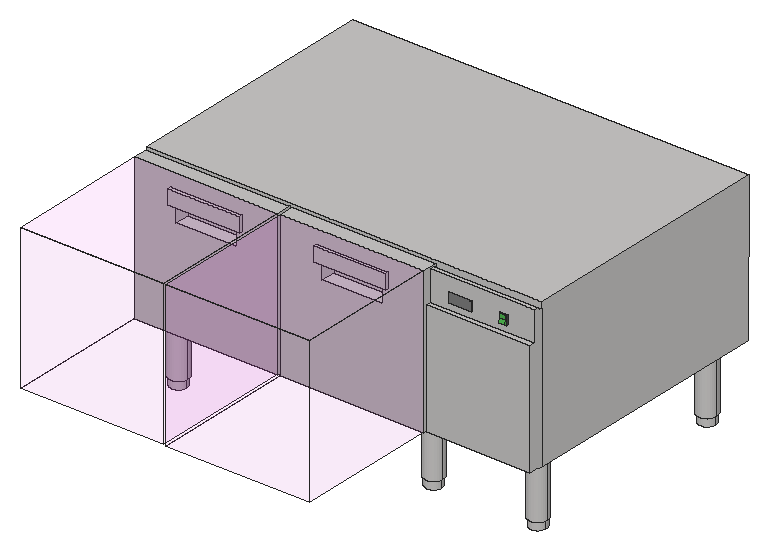
Revit family "QF_ELECTROLUXPROFESSIONAL_391602_E9TTAECOMIN", category Specialty Equipment, Revit 2023
Family settings
  Round Connector Dimension = Use Diameter
  Part Type = Normal
  Work Plane-Based = No
  Enable Cutting in Views = No
  Always vertical = Yes
  Cut with Voids When Loaded = No
  Maintain Annotation Orientation = No
  Shared = No
  Room Calculation Point = No
Parameters (values of type "Standard")
  Weight = 114.00 kg
  Watts = 0 W
  Volts = 220 V
  URL Manufacturer = "http://www.electroluxprofessional.com"
  URL = "http://www.electroluxprofessional.com"
  Steam Supply Size = 0 mm
  Steam Supply Minimum Pressure = 0.0 Pa
  Steam Supply Maximum Pressure = 0.0 Pa
  Steam Pounds per Hour = 0
  Refrigeration Suction Line Size = 0 mm
  Refrigeration Liquid Line Size = 0 mm
  Refrigerant Compressor Remote = yes
  Default Elevation = 0 mm
  Manufacturer = "Electrolux Professional"
  Phase = 1
  Model = "E9TTAECOMIN"
  Length Actual = 1200 mm
  Item Number = "391602"
  Hot Water Size = 0 mm
  Height Actual = 600 mm
  HP = "0.6 HP"
  Gas Size = 0 mm
  Gas KW = 0
  Gas Input Pressure = 0 W
  Description = "REFRIGERATED BASE WITH 2 DRAWERS 1200MM - R290"
  Depth Actual = 830 mm
  Cycle = 50 Hz
  Condensate Return Size = 0 mm
  Compressed Air Volume = 0.0 L/s
  Compressed Air Size = 0 mm
  Compressed Air Pressure = 0.0 Pa
  Cold Water Size = 0 mm
  Accessory = no
Reference planes
  plane 1 "Center X": y = 0
  plane 2: z = 0
  plane 3 "Centro (Sinistra/Destra)": x = 0
  plane 4: z = 200
  plane 5 "TOP": z = 650
  plane 6 "BACK": y = 450
  plane 7 "FRONT": y = -450
  plane 8 "LEFT": x = -600
  plane 9 "RIGHT": x = 600
  plane 10: y = -403
  plane 11: y = -448
  plane 12: x = -545
  plane 13: x = 545
  plane 14: x = 229
  plane 15: y = 292
  plane 16: y = -350
  plane 17: x = 286
  plane 18: x = -599
  plane 19: x = 599
  plane 20: y = 290
  plane 21: x = 560
  plane 22: y = 380
Forms (mm)
  Extrusion 1, solid, material "QF_Finishes_Stainless Steel"
    sketch origin (0, 0, 650) x (-1, 0, 0) y (0, -1, 0)
      loop
        line (599, -380) -> (599, 403) -> (-599, 403) -> (-599, -380) -> (599, -380)
    from -450 to 0
  Extrusion 2, solid, material "QF_Finishes_Stainless Steel"
    sketch origin (196, -342.999, 0) x (-1, 0, 0) y (0, 0, 1)
      loop
        line (795, 201.587) -> (795, 640.994) -> (360.999, 640.994) -> (360.999, 201.587) -> (795, 201.587)
      loop
        line (671.3, 506.706) -> (671.3, 585) -> (484.699, 585) -> (484.699, 506.706) -> (671.3, 506.706)
    from -105.001 to -60.001
  Extrusion 3, solid, material "QF_Door-Drawer Clearances"
    sketch origin (196, -448, 0) x (1, 0, 0) y (0, 0, 1)
      loop
        line (-795, 640.994) -> (-795, 201.587) -> (-360.999, 201.587) -> (-360.999, 640.994) -> (-795, 640.994)
    from 0 to 434
  Extrusion 4, solid, material "QF_Finishes_Stainless Steel"
    sketch origin (599, 66.551, 0) x (0, 1, 0) y (0, 0, 1)
      loop
        line (-469.551, 629.527) -> (-486.314, 640.994) -> (-497.65, 640.994) -> (-497.65, 549.796) -> (-514.551, 549.796) -> (-514.551, 204.796) -> (-484.714, 204.796) -> (-474.993, 200) -> (-469.551, 200) -> (-469.551, 629.527)
    from 0 to -313
  Extrusion 5, solid, material "QF_Finishes_Black"
    sketch origin (583, -431.099, 630.994) x (0, 0, -1) y (1, 0, 0)
      loop
        line (32.198, -86.899) -> (61.199, -86.899) -> (61.199, -64.9) -> (32.198, -64.9) -> (32.198, -86.899)
    from 0 to 1.6
  Extrusion 6, solid, material "QF_Finishes_Grey"
    sketch origin (589, -431.099, 630.994) x (0, 0, -1) y (1, 0, 0)
      loop
        line (32.198, -248.099) -> (61.199, -248.099) -> (61.199, -178.099) -> (32.198, -178.099) -> (32.198, -248.099)
    from 0 to 1.6
  Extrusion 7, solid, material "QF_Finishes_Green"
    sketch origin (518.1, -431.099, 598.796) x (0, 0, -1) y (0, 1, 0)
      loop
        line (2.279, -3.281) -> (14.5, -3.281) -> (25.308, -8.985)
        arc (25.308, -8.985) -> (26.537, -5.394) -> (26.605, -1.6) r 12.221
        line (26.605, -1.6) -> (2.395, -1.6)
        arc (2.395, -1.6) -> (2.308, -2.439) -> (2.279, -3.281) r 12.221
    from -20 to -2
  Extrusion 8, solid, material "QF_Door-Drawer Clearances"
    sketch origin (638.501, -342.999, 0) x (1, 0, 0) y (0, 0, 1)
      loop
        line (-795, 640.994) -> (-795, 201.587) -> (-360.999, 201.587) -> (-360.999, 640.994) -> (-795, 640.994)
    from 105.001 to 539.001
  Extrusion 9, solid, material "QF_Finishes_Stainless Steel"
    sketch origin (196, -448, 0) x (1, 0, 0) y (0, 0, 1)
      loop
        line (-686.3, 598.969) -> (-686.3, 553.969) -> (-469.699, 553.969) -> (-469.699, 598.969) -> (-686.3, 598.969)
    from 0 to 10
  Extrusion 10, solid, material "QF_Finishes_Stainless Steel"
    sketch origin (638.501, -342.999, 0) x (-1, 0, 0) y (0, 0, 1)
      loop
        line (795, 201.587) -> (795, 640.994) -> (360.999, 640.994) -> (360.999, 201.587) -> (795, 201.587)
      loop
        line (671.3, 506.706) -> (671.3, 585) -> (484.699, 585) -> (484.699, 506.706) -> (671.3, 506.706)
    from -105.001 to -60.001
  Extrusion 11, solid, material "QF_Finishes_Stainless Steel"
    sketch origin (638.501, -448, 0) x (1, 0, 0) y (0, 0, 1)
      loop
        line (-686.3, 598.969) -> (-686.3, 553.969) -> (-469.699, 553.969) -> (-469.699, 598.969) -> (-686.3, 598.969)
    from 0 to 10
  Extrusion 12, solid, material "QF_Finishes_Stainless Steel"
    sketch origin (0, -30, 0) x (1, 0, 0) y (0, 1, 0)
      loop
        circle (560, 290) r 6
    from 189.987 to 200
Lines and regions (mm)
  Split face 1
    outline origin (589, -432.699, 630.994) x (0, 0, -1) y (1, 0, 0)
      loop
        line (37.198, -238.099) -> (52.198, -238.099) -> (52.198, -188.099) -> (37.198, -188.099) -> (37.198, -238.099)
  Split face 2
    outline origin (589, -432.699, 630.994) x (0, 0, -1) y (1, 0, 0)
      loop
        circle (44.698, -185.099) r 1.2
  Split face 3
    outline origin (589, -432.699, 630.994) x (0, 0, -1) y (1, 0, 0)
      loop
        circle (39.698, -185.099) r 1.2
  Split face 4
    outline origin (589, -432.699, 630.994) x (0, 0, -1) y (1, 0, 0)
      loop
        circle (49.698, -185.099) r 1.2
  Split face 5
    outline origin (589, -432.699, 630.994) x (0, 0, -1) y (1, 0, 0)
      loop
        circle (39.698, -241.099) r 1.2
  Split face 6
    outline origin (589, -432.699, 630.994) x (0, 0, -1) y (1, 0, 0)
      loop
        circle (44.698, -241.099) r 1.2
  Split face 7
    outline origin (589, -432.699, 630.994) x (0, 0, -1) y (1, 0, 0)
      loop
        circle (49.698, -241.099) r 1.2
  Split face 8
    outline origin (589, -432.699, 630.994) x (0, 0, -1) y (1, 0, 0)
      loop
        line (59.151, -238.099) -> (59.151, -227.099) -> (54.151, -227.099) -> (54.151, -238.099) -> (59.151, -238.099)
  Split face 9
    outline origin (589, -432.699, 630.994) x (0, 0, -1) y (1, 0, 0)
      loop
        line (54.151, -225.099) -> (59.151, -225.099) -> (59.151, -214.099) -> (54.151, -214.099) -> (54.151, -225.099)
  Split face 10
    outline origin (602, -432.699, 630.994) x (0, 0, -1) y (1, 0, 0)
      loop
        line (54.151, -225.099) -> (59.151, -225.099) -> (59.151, -214.099) -> (54.151, -214.099) -> (54.151, -225.099)
  Split face 11
    outline origin (615, -432.699, 630.994) x (0, 0, -1) y (1, 0, 0)
      loop
        line (54.151, -225.099) -> (59.151, -225.099) -> (59.151, -214.099) -> (54.151, -214.099) -> (54.151, -225.099)
  Split face 12
    outline origin (601.5, -448, 549.796) x (0, 0, -1) y (1, 0, 0)
      loop
        arc (52.48, -282.599) -> (56.5, -278.61) -> (52.5, -274.599) r 4
        line (52.5, -274.599) -> (20.5, -274.599)
        arc (20.5, -274.599) -> (16.5, -278.61) -> (20.521, -282.599) r 4
        line (20.521, -282.599) -> (52.48, -282.599)
  Split face 13
    outline origin (613.5, -448, 549.796) x (0, 0, -1) y (1, 0, 0)
      loop
        arc (52.48, -282.599) -> (56.5, -278.61) -> (52.5, -274.599) r 4
        line (52.5, -274.599) -> (20.5, -274.599)
        arc (20.5, -274.599) -> (16.5, -278.61) -> (20.521, -282.599) r 4
        line (20.521, -282.599) -> (52.48, -282.599)
  Split face 14
    outline origin (625.5, -448, 549.796) x (0, 0, -1) y (1, 0, 0)
      loop
        arc (52.48, -282.599) -> (56.5, -278.61) -> (52.5, -274.599) r 4
        line (52.5, -274.599) -> (20.5, -274.599)
        arc (20.5, -274.599) -> (16.5, -278.61) -> (20.521, -282.599) r 4
        line (20.521, -282.599) -> (52.48, -282.599)
  Split face 15
    outline origin (637.397, -448, 549.796) x (0, 0, -1) y (1, 0, 0)
      loop
        arc (52.48, -282.599) -> (56.5, -278.61) -> (52.5, -274.599) r 4
        line (52.5, -274.599) -> (20.5, -274.599)
        arc (20.5, -274.599) -> (16.5, -278.61) -> (20.521, -282.599) r 4
        line (20.521, -282.599) -> (52.48, -282.599)
  Split face 16
    outline origin (649.396, -448, 549.796) x (0, 0, -1) y (1, 0, 0)
      loop
        arc (52.48, -282.599) -> (56.5, -278.61) -> (52.5, -274.599) r 4
        line (52.5, -274.599) -> (20.5, -274.599)
        arc (20.5, -274.599) -> (16.5, -278.61) -> (20.521, -282.599) r 4
        line (20.521, -282.599) -> (52.48, -282.599)
  Split face 17
    outline origin (661.396, -448, 549.796) x (0, 0, -1) y (1, 0, 0)
      loop
        arc (52.48, -282.599) -> (56.5, -278.61) -> (52.5, -274.599) r 4
        line (52.5, -274.599) -> (20.5, -274.599)
        arc (20.5, -274.599) -> (16.5, -278.61) -> (20.521, -282.599) r 4
        line (20.521, -282.599) -> (52.48, -282.599)
  Split face 18
    outline origin (673.396, -448, 549.796) x (0, 0, -1) y (1, 0, 0)
      loop
        arc (52.48, -282.599) -> (56.5, -278.61) -> (52.5, -274.599) r 4
        line (52.5, -274.599) -> (20.5, -274.599)
        arc (20.5, -274.599) -> (16.5, -278.61) -> (20.521, -282.599) r 4
        line (20.521, -282.599) -> (52.48, -282.599)
  Split face 19
    outline origin (685.397, -448, 549.796) x (0, 0, -1) y (1, 0, 0)
      loop
        arc (52.48, -282.599) -> (56.5, -278.61) -> (52.5, -274.599) r 4
        line (52.5, -274.599) -> (20.5, -274.599)
        arc (20.5, -274.599) -> (16.5, -278.61) -> (20.521, -282.599) r 4
        line (20.521, -282.599) -> (52.48, -282.599)
  Split face 20
    outline origin (697.396, -448, 549.796) x (0, 0, -1) y (1, 0, 0)
      loop
        arc (52.48, -282.599) -> (56.5, -278.61) -> (52.5, -274.599) r 4
        line (52.5, -274.599) -> (20.5, -274.599)
        arc (20.5, -274.599) -> (16.5, -278.61) -> (20.521, -282.599) r 4
        line (20.521, -282.599) -> (52.48, -282.599)
  Split face 21
    outline origin (704.396, -448, 549.796) x (0, 0, -1) y (1, 0, 0)
      loop
        arc (52.48, -242.399) -> (56.5, -238.41) -> (52.5, -234.4) r 4
        line (52.5, -234.4) -> (20.5, -234.4)
        arc (20.5, -234.4) -> (16.5, -238.41) -> (20.521, -242.399) r 4
        line (20.521, -242.399) -> (52.48, -242.399)
  Split face 22
    outline origin (716.396, -448, 549.796) x (0, 0, -1) y (1, 0, 0)
      loop
        arc (52.48, -242.399) -> (56.5, -238.41) -> (52.5, -234.4) r 4
        line (52.5, -234.4) -> (20.5, -234.4)
        arc (20.5, -234.4) -> (16.5, -238.41) -> (20.521, -242.399) r 4
        line (20.521, -242.399) -> (52.48, -242.399)
  Split face 23
    outline origin (728.396, -448, 549.796) x (0, 0, -1) y (1, 0, 0)
      loop
        arc (52.48, -242.399) -> (56.5, -238.41) -> (52.5, -234.4) r 4
        line (52.5, -234.4) -> (20.5, -234.4)
        arc (20.5, -234.4) -> (16.5, -238.41) -> (20.521, -242.399) r 4
        line (20.521, -242.399) -> (52.48, -242.399)
  Split face 24
    outline origin (740.396, -448, 549.796) x (0, 0, -1) y (1, 0, 0)
      loop
        arc (52.48, -242.399) -> (56.5, -238.41) -> (52.5, -234.4) r 4
        line (52.5, -234.4) -> (20.5, -234.4)
        arc (20.5, -234.4) -> (16.5, -238.41) -> (20.521, -242.399) r 4
        line (20.521, -242.399) -> (52.48, -242.399)
  Split face 25
    outline origin (752.396, -448, 549.796) x (0, 0, -1) y (1, 0, 0)
      loop
        arc (52.48, -242.399) -> (56.5, -238.41) -> (52.5, -234.4) r 4
        line (52.5, -234.4) -> (20.5, -234.4)
        arc (20.5, -234.4) -> (16.5, -238.41) -> (20.521, -242.399) r 4
        line (20.521, -242.399) -> (52.48, -242.399)
  Split face 26
    outline origin (764.396, -448, 549.796) x (0, 0, -1) y (1, 0, 0)
      loop
        arc (52.48, -242.399) -> (56.5, -238.41) -> (52.5, -234.4) r 4
        line (52.5, -234.4) -> (20.5, -234.4)
        arc (20.5, -234.4) -> (16.5, -238.41) -> (20.521, -242.399) r 4
        line (20.521, -242.399) -> (52.48, -242.399)
  Split face 27
    outline origin (776.396, -448, 549.796) x (0, 0, -1) y (1, 0, 0)
      loop
        arc (52.48, -242.399) -> (56.5, -238.41) -> (52.5, -234.4) r 4
        line (52.5, -234.4) -> (20.5, -234.4)
        arc (20.5, -234.4) -> (16.5, -238.41) -> (20.521, -242.399) r 4
        line (20.521, -242.399) -> (52.48, -242.399)
  Split face 28
    outline origin (788.396, -448, 549.796) x (0, 0, -1) y (1, 0, 0)
      loop
        arc (52.48, -242.399) -> (56.5, -238.41) -> (52.5, -234.4) r 4
        line (52.5, -234.4) -> (20.5, -234.4)
        arc (20.5, -234.4) -> (16.5, -238.41) -> (20.521, -242.399) r 4
        line (20.521, -242.399) -> (52.48, -242.399)
  Split face 29
    outline origin (800.396, -448, 549.796) x (0, 0, -1) y (1, 0, 0)
      loop
        arc (52.48, -242.399) -> (56.5, -238.41) -> (52.5, -234.4) r 4
        line (52.5, -234.4) -> (20.5, -234.4)
        arc (20.5, -234.4) -> (16.5, -238.41) -> (20.521, -242.399) r 4
        line (20.521, -242.399) -> (52.48, -242.399)
  Split face 30
    outline origin (812.396, -448, 549.796) x (0, 0, -1) y (1, 0, 0)
      loop
        arc (52.48, -242.399) -> (56.5, -238.41) -> (52.5, -234.4) r 4
        line (52.5, -234.4) -> (20.5, -234.4)
        arc (20.5, -234.4) -> (16.5, -238.41) -> (20.521, -242.399) r 4
        line (20.521, -242.399) -> (52.48, -242.399)
  Split face 31
    outline origin (589.5, -448, 549.796) x (0, 0, -1) y (1, 0, 0)
      loop
        arc (52.48, -282.599) -> (56.5, -278.61) -> (52.5, -274.599) r 4
        line (52.5, -274.599) -> (20.5, -274.599)
        arc (20.5, -274.599) -> (16.5, -278.61) -> (20.521, -282.599) r 4
        line (20.521, -282.599) -> (52.48, -282.599)
  Split face 32
    outline origin (601.5, -448, 504.794) x (0, 0, -1) y (1, 0, 0)
      loop
        arc (52.48, -282.599) -> (56.5, -278.61) -> (52.5, -274.599) r 4
        line (52.5, -274.599) -> (20.5, -274.599)
        arc (20.5, -274.599) -> (16.5, -278.61) -> (20.521, -282.599) r 4
        line (20.521, -282.599) -> (52.48, -282.599)
  Split face 33
    outline origin (613.5, -448, 504.794) x (0, 0, -1) y (1, 0, 0)
      loop
        arc (52.48, -282.599) -> (56.5, -278.61) -> (52.5, -274.599) r 4
        line (52.5, -274.599) -> (20.5, -274.599)
        arc (20.5, -274.599) -> (16.5, -278.61) -> (20.521, -282.599) r 4
        line (20.521, -282.599) -> (52.48, -282.599)
  Split face 34
    outline origin (625.5, -448, 504.794) x (0, 0, -1) y (1, 0, 0)
      loop
        arc (52.48, -282.599) -> (56.5, -278.61) -> (52.5, -274.599) r 4
        line (52.5, -274.599) -> (20.5, -274.599)
        arc (20.5, -274.599) -> (16.5, -278.61) -> (20.521, -282.599) r 4
        line (20.521, -282.599) -> (52.48, -282.599)
  Split face 35
    outline origin (637.397, -448, 504.794) x (0, 0, -1) y (1, 0, 0)
      loop
        arc (52.48, -282.599) -> (56.5, -278.61) -> (52.5, -274.599) r 4
        line (52.5, -274.599) -> (20.5, -274.599)
        arc (20.5, -274.599) -> (16.5, -278.61) -> (20.521, -282.599) r 4
        line (20.521, -282.599) -> (52.48, -282.599)
  Split face 36
    outline origin (649.396, -448, 504.794) x (0, 0, -1) y (1, 0, 0)
      loop
        arc (52.48, -282.599) -> (56.5, -278.61) -> (52.5, -274.599) r 4
        line (52.5, -274.599) -> (20.5, -274.599)
        arc (20.5, -274.599) -> (16.5, -278.61) -> (20.521, -282.599) r 4
        line (20.521, -282.599) -> (52.48, -282.599)
  Split face 37
    outline origin (661.396, -448, 504.794) x (0, 0, -1) y (1, 0, 0)
      loop
        arc (52.48, -282.599) -> (56.5, -278.61) -> (52.5, -274.599) r 4
        line (52.5, -274.599) -> (20.5, -274.599)
        arc (20.5, -274.599) -> (16.5, -278.61) -> (20.521, -282.599) r 4
        line (20.521, -282.599) -> (52.48, -282.599)
  Split face 38
    outline origin (673.396, -448, 504.794) x (0, 0, -1) y (1, 0, 0)
      loop
        arc (52.48, -282.599) -> (56.5, -278.61) -> (52.5, -274.599) r 4
        line (52.5, -274.599) -> (20.5, -274.599)
        arc (20.5, -274.599) -> (16.5, -278.61) -> (20.521, -282.599) r 4
        line (20.521, -282.599) -> (52.48, -282.599)
  Split face 39
    outline origin (685.397, -448, 504.794) x (0, 0, -1) y (1, 0, 0)
      loop
        arc (52.48, -282.599) -> (56.5, -278.61) -> (52.5, -274.599) r 4
        line (52.5, -274.599) -> (20.5, -274.599)
        arc (20.5, -274.599) -> (16.5, -278.61) -> (20.521, -282.599) r 4
        line (20.521, -282.599) -> (52.48, -282.599)
  Split face 40
    outline origin (697.396, -448, 504.794) x (0, 0, -1) y (1, 0, 0)
      loop
        arc (52.48, -282.599) -> (56.5, -278.61) -> (52.5, -274.599) r 4
        line (52.5, -274.599) -> (20.5, -274.599)
        arc (20.5, -274.599) -> (16.5, -278.61) -> (20.521, -282.599) r 4
        line (20.521, -282.599) -> (52.48, -282.599)
  Split face 41
    outline origin (704.396, -448, 504.794) x (0, 0, -1) y (1, 0, 0)
      loop
        arc (52.48, -242.399) -> (56.5, -238.41) -> (52.5, -234.4) r 4
        line (52.5, -234.4) -> (20.5, -234.4)
        arc (20.5, -234.4) -> (16.5, -238.41) -> (20.521, -242.399) r 4
        line (20.521, -242.399) -> (52.48, -242.399)
  Split face 42
    outline origin (716.396, -448, 504.794) x (0, 0, -1) y (1, 0, 0)
      loop
        arc (52.48, -242.399) -> (56.5, -238.41) -> (52.5, -234.4) r 4
        line (52.5, -234.4) -> (20.5, -234.4)
        arc (20.5, -234.4) -> (16.5, -238.41) -> (20.521, -242.399) r 4
        line (20.521, -242.399) -> (52.48, -242.399)
  Split face 43
    outline origin (728.396, -448, 504.794) x (0, 0, -1) y (1, 0, 0)
      loop
        arc (52.48, -242.399) -> (56.5, -238.41) -> (52.5, -234.4) r 4
        line (52.5, -234.4) -> (20.5, -234.4)
        arc (20.5, -234.4) -> (16.5, -238.41) -> (20.521, -242.399) r 4
        line (20.521, -242.399) -> (52.48, -242.399)
  Split face 44
    outline origin (740.396, -448, 504.794) x (0, 0, -1) y (1, 0, 0)
      loop
        arc (52.48, -242.399) -> (56.5, -238.41) -> (52.5, -234.4) r 4
        line (52.5, -234.4) -> (20.5, -234.4)
        arc (20.5, -234.4) -> (16.5, -238.41) -> (20.521, -242.399) r 4
        line (20.521, -242.399) -> (52.48, -242.399)
  Split face 45
    outline origin (752.396, -448, 504.794) x (0, 0, -1) y (1, 0, 0)
      loop
        arc (52.48, -242.399) -> (56.5, -238.41) -> (52.5, -234.4) r 4
        line (52.5, -234.4) -> (20.5, -234.4)
        arc (20.5, -234.4) -> (16.5, -238.41) -> (20.521, -242.399) r 4
        line (20.521, -242.399) -> (52.48, -242.399)
  Split face 46
    outline origin (764.396, -448, 504.794) x (0, 0, -1) y (1, 0, 0)
      loop
        arc (52.48, -242.399) -> (56.5, -238.41) -> (52.5, -234.4) r 4
        line (52.5, -234.4) -> (20.5, -234.4)
        arc (20.5, -234.4) -> (16.5, -238.41) -> (20.521, -242.399) r 4
        line (20.521, -242.399) -> (52.48, -242.399)
  Split face 47
    outline origin (776.396, -448, 504.794) x (0, 0, -1) y (1, 0, 0)
      loop
        arc (52.48, -242.399) -> (56.5, -238.41) -> (52.5, -234.4) r 4
        line (52.5, -234.4) -> (20.5, -234.4)
        arc (20.5, -234.4) -> (16.5, -238.41) -> (20.521, -242.399) r 4
        line (20.521, -242.399) -> (52.48, -242.399)
  Split face 48
    outline origin (788.396, -448, 504.794) x (0, 0, -1) y (1, 0, 0)
      loop
        arc (52.48, -242.399) -> (56.5, -238.41) -> (52.5, -234.4) r 4
        line (52.5, -234.4) -> (20.5, -234.4)
        arc (20.5, -234.4) -> (16.5, -238.41) -> (20.521, -242.399) r 4
        line (20.521, -242.399) -> (52.48, -242.399)
  Split face 49
    outline origin (800.396, -448, 504.794) x (0, 0, -1) y (1, 0, 0)
      loop
        arc (52.48, -242.399) -> (56.5, -238.41) -> (52.5, -234.4) r 4
        line (52.5, -234.4) -> (20.5, -234.4)
        arc (20.5, -234.4) -> (16.5, -238.41) -> (20.521, -242.399) r 4
        line (20.521, -242.399) -> (52.48, -242.399)
  Split face 50
    outline origin (812.396, -448, 504.794) x (0, 0, -1) y (1, 0, 0)
      loop
        arc (52.48, -242.399) -> (56.5, -238.41) -> (52.5, -234.4) r 4
        line (52.5, -234.4) -> (20.5, -234.4)
        arc (20.5, -234.4) -> (16.5, -238.41) -> (20.521, -242.399) r 4
        line (20.521, -242.399) -> (52.48, -242.399)
  Split face 51
    outline origin (589.5, -448, 504.794) x (0, 0, -1) y (1, 0, 0)
      loop
        arc (52.48, -282.599) -> (56.5, -278.61) -> (52.5, -274.599) r 4
        line (52.5, -274.599) -> (20.5, -274.599)
        arc (20.5, -274.599) -> (16.5, -278.61) -> (20.521, -282.599) r 4
        line (20.521, -282.599) -> (52.48, -282.599)
  Split face 52
    outline origin (601.5, -448, 459.794) x (0, 0, -1) y (1, 0, 0)
      loop
        arc (52.48, -282.599) -> (56.5, -278.61) -> (52.5, -274.599) r 4
        line (52.5, -274.599) -> (20.5, -274.599)
        arc (20.5, -274.599) -> (16.5, -278.61) -> (20.521, -282.599) r 4
        line (20.521, -282.599) -> (52.48, -282.599)
  Split face 53
    outline origin (613.5, -448, 459.794) x (0, 0, -1) y (1, 0, 0)
      loop
        arc (52.48, -282.599) -> (56.5, -278.61) -> (52.5, -274.599) r 4
        line (52.5, -274.599) -> (20.5, -274.599)
        arc (20.5, -274.599) -> (16.5, -278.61) -> (20.521, -282.599) r 4
        line (20.521, -282.599) -> (52.48, -282.599)
  Split face 54
    outline origin (625.5, -448, 459.794) x (0, 0, -1) y (1, 0, 0)
      loop
        arc (52.48, -282.599) -> (56.5, -278.61) -> (52.5, -274.599) r 4
        line (52.5, -274.599) -> (20.5, -274.599)
        arc (20.5, -274.599) -> (16.5, -278.61) -> (20.521, -282.599) r 4
        line (20.521, -282.599) -> (52.48, -282.599)
  Split face 55
    outline origin (637.397, -448, 459.794) x (0, 0, -1) y (1, 0, 0)
      loop
        arc (52.48, -282.599) -> (56.5, -278.61) -> (52.5, -274.599) r 4
        line (52.5, -274.599) -> (20.5, -274.599)
        arc (20.5, -274.599) -> (16.5, -278.61) -> (20.521, -282.599) r 4
        line (20.521, -282.599) -> (52.48, -282.599)
  Split face 56
    outline origin (649.396, -448, 459.794) x (0, 0, -1) y (1, 0, 0)
      loop
        arc (52.48, -282.599) -> (56.5, -278.61) -> (52.5, -274.599) r 4
        line (52.5, -274.599) -> (20.5, -274.599)
        arc (20.5, -274.599) -> (16.5, -278.61) -> (20.521, -282.599) r 4
        line (20.521, -282.599) -> (52.48, -282.599)
  Split face 57
    outline origin (661.396, -448, 459.794) x (0, 0, -1) y (1, 0, 0)
      loop
        arc (52.48, -282.599) -> (56.5, -278.61) -> (52.5, -274.599) r 4
        line (52.5, -274.599) -> (20.5, -274.599)
        arc (20.5, -274.599) -> (16.5, -278.61) -> (20.521, -282.599) r 4
        line (20.521, -282.599) -> (52.48, -282.599)
  Split face 58
    outline origin (673.396, -448, 459.794) x (0, 0, -1) y (1, 0, 0)
      loop
        arc (52.48, -282.599) -> (56.5, -278.61) -> (52.5, -274.599) r 4
        line (52.5, -274.599) -> (20.5, -274.599)
        arc (20.5, -274.599) -> (16.5, -278.61) -> (20.521, -282.599) r 4
        line (20.521, -282.599) -> (52.48, -282.599)
  Split face 59
    outline origin (685.397, -448, 459.794) x (0, 0, -1) y (1, 0, 0)
      loop
        arc (52.48, -282.599) -> (56.5, -278.61) -> (52.5, -274.599) r 4
        line (52.5, -274.599) -> (20.5, -274.599)
        arc (20.5, -274.599) -> (16.5, -278.61) -> (20.521, -282.599) r 4
        line (20.521, -282.599) -> (52.48, -282.599)
  Split face 60
    outline origin (697.396, -448, 459.794) x (0, 0, -1) y (1, 0, 0)
      loop
        arc (52.48, -282.599) -> (56.5, -278.61) -> (52.5, -274.599) r 4
        line (52.5, -274.599) -> (20.5, -274.599)
        arc (20.5, -274.599) -> (16.5, -278.61) -> (20.521, -282.599) r 4
        line (20.521, -282.599) -> (52.48, -282.599)
  Split face 61
    outline origin (704.396, -448, 459.794) x (0, 0, -1) y (1, 0, 0)
      loop
        arc (52.48, -242.399) -> (56.5, -238.41) -> (52.5, -234.4) r 4
        line (52.5, -234.4) -> (20.5, -234.4)
        arc (20.5, -234.4) -> (16.5, -238.41) -> (20.521, -242.399) r 4
        line (20.521, -242.399) -> (52.48, -242.399)
  Split face 62
    outline origin (716.396, -448, 459.794) x (0, 0, -1) y (1, 0, 0)
      loop
        arc (52.48, -242.399) -> (56.5, -238.41) -> (52.5, -234.4) r 4
        line (52.5, -234.4) -> (20.5, -234.4)
        arc (20.5, -234.4) -> (16.5, -238.41) -> (20.521, -242.399) r 4
        line (20.521, -242.399) -> (52.48, -242.399)
  Split face 63
    outline origin (728.396, -448, 459.794) x (0, 0, -1) y (1, 0, 0)
      loop
        arc (52.48, -242.399) -> (56.5, -238.41) -> (52.5, -234.4) r 4
        line (52.5, -234.4) -> (20.5, -234.4)
        arc (20.5, -234.4) -> (16.5, -238.41) -> (20.521, -242.399) r 4
        line (20.521, -242.399) -> (52.48, -242.399)
  Split face 64
    outline origin (740.396, -448, 459.794) x (0, 0, -1) y (1, 0, 0)
      loop
        arc (52.48, -242.399) -> (56.5, -238.41) -> (52.5, -234.4) r 4
        line (52.5, -234.4) -> (20.5, -234.4)
        arc (20.5, -234.4) -> (16.5, -238.41) -> (20.521, -242.399) r 4
        line (20.521, -242.399) -> (52.48, -242.399)
  Split face 65
    outline origin (752.396, -448, 459.794) x (0, 0, -1) y (1, 0, 0)
      loop
        arc (52.48, -242.399) -> (56.5, -238.41) -> (52.5, -234.4) r 4
        line (52.5, -234.4) -> (20.5, -234.4)
        arc (20.5, -234.4) -> (16.5, -238.41) -> (20.521, -242.399) r 4
        line (20.521, -242.399) -> (52.48, -242.399)
  Split face 66
    outline origin (764.396, -448, 459.794) x (0, 0, -1) y (1, 0, 0)
      loop
        arc (52.48, -242.399) -> (56.5, -238.41) -> (52.5, -234.4) r 4
        line (52.5, -234.4) -> (20.5, -234.4)
        arc (20.5, -234.4) -> (16.5, -238.41) -> (20.521, -242.399) r 4
        line (20.521, -242.399) -> (52.48, -242.399)
  Split face 67
    outline origin (776.396, -448, 459.794) x (0, 0, -1) y (1, 0, 0)
      loop
        arc (52.48, -242.399) -> (56.5, -238.41) -> (52.5, -234.4) r 4
        line (52.5, -234.4) -> (20.5, -234.4)
        arc (20.5, -234.4) -> (16.5, -238.41) -> (20.521, -242.399) r 4
        line (20.521, -242.399) -> (52.48, -242.399)
  Split face 68
    outline origin (788.396, -448, 459.794) x (0, 0, -1) y (1, 0, 0)
      loop
        arc (52.48, -242.399) -> (56.5, -238.41) -> (52.5, -234.4) r 4
        line (52.5, -234.4) -> (20.5, -234.4)
        arc (20.5, -234.4) -> (16.5, -238.41) -> (20.521, -242.399) r 4
        line (20.521, -242.399) -> (52.48, -242.399)
  Split face 69
    outline origin (800.396, -448, 459.794) x (0, 0, -1) y (1, 0, 0)
      loop
        arc (52.48, -242.399) -> (56.5, -238.41) -> (52.5, -234.4) r 4
        line (52.5, -234.4) -> (20.5, -234.4)
        arc (20.5, -234.4) -> (16.5, -238.41) -> (20.521, -242.399) r 4
        line (20.521, -242.399) -> (52.48, -242.399)
  Split face 70
    outline origin (812.396, -448, 459.794) x (0, 0, -1) y (1, 0, 0)
      loop
        arc (52.48, -242.399) -> (56.5, -238.41) -> (52.5, -234.4) r 4
        line (52.5, -234.4) -> (20.5, -234.4)
        arc (20.5, -234.4) -> (16.5, -238.41) -> (20.521, -242.399) r 4
        line (20.521, -242.399) -> (52.48, -242.399)
  Split face 71
    outline origin (589.5, -448, 459.794) x (0, 0, -1) y (1, 0, 0)
      loop
        arc (52.48, -282.599) -> (56.5, -278.61) -> (52.5, -274.599) r 4
        line (52.5, -274.599) -> (20.5, -274.599)
        arc (20.5, -274.599) -> (16.5, -278.61) -> (20.521, -282.599) r 4
        line (20.521, -282.599) -> (52.48, -282.599)
  Split face 72
    outline origin (601.5, -448, 414.794) x (0, 0, -1) y (1, 0, 0)
      loop
        arc (52.48, -282.599) -> (56.5, -278.61) -> (52.5, -274.599) r 4
        line (52.5, -274.599) -> (20.5, -274.599)
        arc (20.5, -274.599) -> (16.5, -278.61) -> (20.521, -282.599) r 4
        line (20.521, -282.599) -> (52.48, -282.599)
  Split face 73
    outline origin (613.5, -448, 414.794) x (0, 0, -1) y (1, 0, 0)
      loop
        arc (52.48, -282.599) -> (56.5, -278.61) -> (52.5, -274.599) r 4
        line (52.5, -274.599) -> (20.5, -274.599)
        arc (20.5, -274.599) -> (16.5, -278.61) -> (20.521, -282.599) r 4
        line (20.521, -282.599) -> (52.48, -282.599)
  Split face 74
    outline origin (625.5, -448, 414.794) x (0, 0, -1) y (1, 0, 0)
      loop
        arc (52.48, -282.599) -> (56.5, -278.61) -> (52.5, -274.599) r 4
        line (52.5, -274.599) -> (20.5, -274.599)
        arc (20.5, -274.599) -> (16.5, -278.61) -> (20.521, -282.599) r 4
        line (20.521, -282.599) -> (52.48, -282.599)
  Split face 75
    outline origin (637.397, -448, 414.794) x (0, 0, -1) y (1, 0, 0)
      loop
        arc (52.48, -282.599) -> (56.5, -278.61) -> (52.5, -274.599) r 4
        line (52.5, -274.599) -> (20.5, -274.599)
        arc (20.5, -274.599) -> (16.5, -278.61) -> (20.521, -282.599) r 4
        line (20.521, -282.599) -> (52.48, -282.599)
  Split face 76
    outline origin (649.396, -448, 414.794) x (0, 0, -1) y (1, 0, 0)
      loop
        arc (52.48, -282.599) -> (56.5, -278.61) -> (52.5, -274.599) r 4
        line (52.5, -274.599) -> (20.5, -274.599)
        arc (20.5, -274.599) -> (16.5, -278.61) -> (20.521, -282.599) r 4
        line (20.521, -282.599) -> (52.48, -282.599)
  Split face 77
    outline origin (661.396, -448, 414.794) x (0, 0, -1) y (1, 0, 0)
      loop
        arc (52.48, -282.599) -> (56.5, -278.61) -> (52.5, -274.599) r 4
        line (52.5, -274.599) -> (20.5, -274.599)
        arc (20.5, -274.599) -> (16.5, -278.61) -> (20.521, -282.599) r 4
        line (20.521, -282.599) -> (52.48, -282.599)
  Split face 78
    outline origin (673.396, -448, 414.794) x (0, 0, -1) y (1, 0, 0)
      loop
        arc (52.48, -282.599) -> (56.5, -278.61) -> (52.5, -274.599) r 4
        line (52.5, -274.599) -> (20.5, -274.599)
        arc (20.5, -274.599) -> (16.5, -278.61) -> (20.521, -282.599) r 4
        line (20.521, -282.599) -> (52.48, -282.599)
  Split face 79
    outline origin (685.397, -448, 414.794) x (0, 0, -1) y (1, 0, 0)
      loop
        arc (52.48, -282.599) -> (56.5, -278.61) -> (52.5, -274.599) r 4
        line (52.5, -274.599) -> (20.5, -274.599)
        arc (20.5, -274.599) -> (16.5, -278.61) -> (20.521, -282.599) r 4
        line (20.521, -282.599) -> (52.48, -282.599)
  Split face 80
    outline origin (697.396, -448, 414.794) x (0, 0, -1) y (1, 0, 0)
      loop
        arc (52.48, -282.599) -> (56.5, -278.61) -> (52.5, -274.599) r 4
        line (52.5, -274.599) -> (20.5, -274.599)
        arc (20.5, -274.599) -> (16.5, -278.61) -> (20.521, -282.599) r 4
        line (20.521, -282.599) -> (52.48, -282.599)
  Split face 81
    outline origin (704.396, -448, 414.794) x (0, 0, -1) y (1, 0, 0)
      loop
        arc (52.48, -242.399) -> (56.5, -238.41) -> (52.5, -234.4) r 4
        line (52.5, -234.4) -> (20.5, -234.4)
        arc (20.5, -234.4) -> (16.5, -238.41) -> (20.521, -242.399) r 4
        line (20.521, -242.399) -> (52.48, -242.399)
  Split face 82
    outline origin (716.396, -448, 414.794) x (0, 0, -1) y (1, 0, 0)
      loop
        arc (52.48, -242.399) -> (56.5, -238.41) -> (52.5, -234.4) r 4
        line (52.5, -234.4) -> (20.5, -234.4)
        arc (20.5, -234.4) -> (16.5, -238.41) -> (20.521, -242.399) r 4
        line (20.521, -242.399) -> (52.48, -242.399)
  Split face 83
    outline origin (728.396, -448, 414.794) x (0, 0, -1) y (1, 0, 0)
      loop
        arc (52.48, -242.399) -> (56.5, -238.41) -> (52.5, -234.4) r 4
        line (52.5, -234.4) -> (20.5, -234.4)
        arc (20.5, -234.4) -> (16.5, -238.41) -> (20.521, -242.399) r 4
        line (20.521, -242.399) -> (52.48, -242.399)
  Split face 84
    outline origin (740.396, -448, 414.794) x (0, 0, -1) y (1, 0, 0)
      loop
        arc (52.48, -242.399) -> (56.5, -238.41) -> (52.5, -234.4) r 4
        line (52.5, -234.4) -> (20.5, -234.4)
        arc (20.5, -234.4) -> (16.5, -238.41) -> (20.521, -242.399) r 4
        line (20.521, -242.399) -> (52.48, -242.399)
  Split face 85
    outline origin (752.396, -448, 414.794) x (0, 0, -1) y (1, 0, 0)
      loop
        arc (52.48, -242.399) -> (56.5, -238.41) -> (52.5, -234.4) r 4
        line (52.5, -234.4) -> (20.5, -234.4)
        arc (20.5, -234.4) -> (16.5, -238.41) -> (20.521, -242.399) r 4
        line (20.521, -242.399) -> (52.48, -242.399)
  Split face 86
    outline origin (764.396, -448, 414.794) x (0, 0, -1) y (1, 0, 0)
      loop
        arc (52.48, -242.399) -> (56.5, -238.41) -> (52.5, -234.4) r 4
        line (52.5, -234.4) -> (20.5, -234.4)
        arc (20.5, -234.4) -> (16.5, -238.41) -> (20.521, -242.399) r 4
        line (20.521, -242.399) -> (52.48, -242.399)
  Split face 87
    outline origin (776.396, -448, 414.794) x (0, 0, -1) y (1, 0, 0)
      loop
        arc (52.48, -242.399) -> (56.5, -238.41) -> (52.5, -234.4) r 4
        line (52.5, -234.4) -> (20.5, -234.4)
        arc (20.5, -234.4) -> (16.5, -238.41) -> (20.521, -242.399) r 4
        line (20.521, -242.399) -> (52.48, -242.399)
  Split face 88
    outline origin (788.396, -448, 414.794) x (0, 0, -1) y (1, 0, 0)
      loop
        arc (52.48, -242.399) -> (56.5, -238.41) -> (52.5, -234.4) r 4
        line (52.5, -234.4) -> (20.5, -234.4)
        arc (20.5, -234.4) -> (16.5, -238.41) -> (20.521, -242.399) r 4
        line (20.521, -242.399) -> (52.48, -242.399)
  Split face 89
    outline origin (800.396, -448, 414.794) x (0, 0, -1) y (1, 0, 0)
      loop
        arc (52.48, -242.399) -> (56.5, -238.41) -> (52.5, -234.4) r 4
        line (52.5, -234.4) -> (20.5, -234.4)
        arc (20.5, -234.4) -> (16.5, -238.41) -> (20.521, -242.399) r 4
        line (20.521, -242.399) -> (52.48, -242.399)
  Split face 90
    outline origin (812.396, -448, 414.794) x (0, 0, -1) y (1, 0, 0)
      loop
        arc (52.48, -242.399) -> (56.5, -238.41) -> (52.5, -234.4) r 4
        line (52.5, -234.4) -> (20.5, -234.4)
        arc (20.5, -234.4) -> (16.5, -238.41) -> (20.521, -242.399) r 4
        line (20.521, -242.399) -> (52.48, -242.399)
  Split face 91
    outline origin (589.5, -448, 414.794) x (0, 0, -1) y (1, 0, 0)
      loop
        arc (52.48, -282.599) -> (56.5, -278.61) -> (52.5, -274.599) r 4
        line (52.5, -274.599) -> (20.5, -274.599)
        arc (20.5, -274.599) -> (16.5, -278.61) -> (20.521, -282.599) r 4
        line (20.521, -282.599) -> (52.48, -282.599)
  Split face 92
    outline origin (601.5, -448, 369.794) x (0, 0, -1) y (1, 0, 0)
      loop
        arc (52.48, -282.599) -> (56.5, -278.61) -> (52.5, -274.599) r 4
        line (52.5, -274.599) -> (20.5, -274.599)
        arc (20.5, -274.599) -> (16.5, -278.61) -> (20.521, -282.599) r 4
        line (20.521, -282.599) -> (52.48, -282.599)
  Split face 93
    outline origin (613.5, -448, 369.794) x (0, 0, -1) y (1, 0, 0)
      loop
        arc (52.48, -282.599) -> (56.5, -278.61) -> (52.5, -274.599) r 4
        line (52.5, -274.599) -> (20.5, -274.599)
        arc (20.5, -274.599) -> (16.5, -278.61) -> (20.521, -282.599) r 4
        line (20.521, -282.599) -> (52.48, -282.599)
  Split face 94
    outline origin (625.5, -448, 369.794) x (0, 0, -1) y (1, 0, 0)
      loop
        arc (52.48, -282.599) -> (56.5, -278.61) -> (52.5, -274.599) r 4
        line (52.5, -274.599) -> (20.5, -274.599)
        arc (20.5, -274.599) -> (16.5, -278.61) -> (20.521, -282.599) r 4
        line (20.521, -282.599) -> (52.48, -282.599)
  Split face 95
    outline origin (637.397, -448, 369.794) x (0, 0, -1) y (1, 0, 0)
      loop
        arc (52.48, -282.599) -> (56.5, -278.61) -> (52.5, -274.599) r 4
        line (52.5, -274.599) -> (20.5, -274.599)
        arc (20.5, -274.599) -> (16.5, -278.61) -> (20.521, -282.599) r 4
        line (20.521, -282.599) -> (52.48, -282.599)
  Split face 96
    outline origin (649.396, -448, 369.794) x (0, 0, -1) y (1, 0, 0)
      loop
        arc (52.48, -282.599) -> (56.5, -278.61) -> (52.5, -274.599) r 4
        line (52.5, -274.599) -> (20.5, -274.599)
        arc (20.5, -274.599) -> (16.5, -278.61) -> (20.521, -282.599) r 4
        line (20.521, -282.599) -> (52.48, -282.599)
  Split face 97
    outline origin (661.396, -448, 369.794) x (0, 0, -1) y (1, 0, 0)
      loop
        arc (52.48, -282.599) -> (56.5, -278.61) -> (52.5, -274.599) r 4
        line (52.5, -274.599) -> (20.5, -274.599)
        arc (20.5, -274.599) -> (16.5, -278.61) -> (20.521, -282.599) r 4
        line (20.521, -282.599) -> (52.48, -282.599)
  Split face 98
    outline origin (673.396, -448, 369.794) x (0, 0, -1) y (1, 0, 0)
      loop
        arc (52.48, -282.599) -> (56.5, -278.61) -> (52.5, -274.599) r 4
        line (52.5, -274.599) -> (20.5, -274.599)
        arc (20.5, -274.599) -> (16.5, -278.61) -> (20.521, -282.599) r 4
        line (20.521, -282.599) -> (52.48, -282.599)
  Split face 99
    outline origin (685.397, -448, 369.794) x (0, 0, -1) y (1, 0, 0)
      loop
        arc (52.48, -282.599) -> (56.5, -278.61) -> (52.5, -274.599) r 4
        line (52.5, -274.599) -> (20.5, -274.599)
        arc (20.5, -274.599) -> (16.5, -278.61) -> (20.521, -282.599) r 4
        line (20.521, -282.599) -> (52.48, -282.599)
  Split face 100
    outline origin (697.396, -448, 369.794) x (0, 0, -1) y (1, 0, 0)
      loop
        arc (52.48, -282.599) -> (56.5, -278.61) -> (52.5, -274.599) r 4
        line (52.5, -274.599) -> (20.5, -274.599)
        arc (20.5, -274.599) -> (16.5, -278.61) -> (20.521, -282.599) r 4
        line (20.521, -282.599) -> (52.48, -282.599)
  Split face 101
    outline origin (704.396, -448, 369.794) x (0, 0, -1) y (1, 0, 0)
      loop
        arc (52.48, -242.399) -> (56.5, -238.41) -> (52.5, -234.4) r 4
        line (52.5, -234.4) -> (20.5, -234.4)
        arc (20.5, -234.4) -> (16.5, -238.41) -> (20.521, -242.399) r 4
        line (20.521, -242.399) -> (52.48, -242.399)
  Split face 102
    outline origin (716.396, -448, 369.794) x (0, 0, -1) y (1, 0, 0)
      loop
        arc (52.48, -242.399) -> (56.5, -238.41) -> (52.5, -234.4) r 4
        line (52.5, -234.4) -> (20.5, -234.4)
        arc (20.5, -234.4) -> (16.5, -238.41) -> (20.521, -242.399) r 4
        line (20.521, -242.399) -> (52.48, -242.399)
  Split face 103
    outline origin (728.396, -448, 369.794) x (0, 0, -1) y (1, 0, 0)
      loop
        arc (52.48, -242.399) -> (56.5, -238.41) -> (52.5, -234.4) r 4
        line (52.5, -234.4) -> (20.5, -234.4)
        arc (20.5, -234.4) -> (16.5, -238.41) -> (20.521, -242.399) r 4
        line (20.521, -242.399) -> (52.48, -242.399)
  Split face 104
    outline origin (740.396, -448, 369.794) x (0, 0, -1) y (1, 0, 0)
      loop
        arc (52.48, -242.399) -> (56.5, -238.41) -> (52.5, -234.4) r 4
        line (52.5, -234.4) -> (20.5, -234.4)
        arc (20.5, -234.4) -> (16.5, -238.41) -> (20.521, -242.399) r 4
        line (20.521, -242.399) -> (52.48, -242.399)
  Split face 105
    outline origin (752.396, -448, 369.794) x (0, 0, -1) y (1, 0, 0)
      loop
        arc (52.48, -242.399) -> (56.5, -238.41) -> (52.5, -234.4) r 4
        line (52.5, -234.4) -> (20.5, -234.4)
        arc (20.5, -234.4) -> (16.5, -238.41) -> (20.521, -242.399) r 4
        line (20.521, -242.399) -> (52.48, -242.399)
  Split face 106
    outline origin (764.396, -448, 369.794) x (0, 0, -1) y (1, 0, 0)
      loop
        arc (52.48, -242.399) -> (56.5, -238.41) -> (52.5, -234.4) r 4
        line (52.5, -234.4) -> (20.5, -234.4)
        arc (20.5, -234.4) -> (16.5, -238.41) -> (20.521, -242.399) r 4
        line (20.521, -242.399) -> (52.48, -242.399)
  Split face 107
    outline origin (776.396, -448, 369.794) x (0, 0, -1) y (1, 0, 0)
      loop
        arc (52.48, -242.399) -> (56.5, -238.41) -> (52.5, -234.4) r 4
        line (52.5, -234.4) -> (20.5, -234.4)
        arc (20.5, -234.4) -> (16.5, -238.41) -> (20.521, -242.399) r 4
        line (20.521, -242.399) -> (52.48, -242.399)
  Split face 108
    outline origin (788.396, -448, 369.794) x (0, 0, -1) y (1, 0, 0)
      loop
        arc (52.48, -242.399) -> (56.5, -238.41) -> (52.5, -234.4) r 4
        line (52.5, -234.4) -> (20.5, -234.4)
        arc (20.5, -234.4) -> (16.5, -238.41) -> (20.521, -242.399) r 4
        line (20.521, -242.399) -> (52.48, -242.399)
  Split face 109
    outline origin (800.396, -448, 369.794) x (0, 0, -1) y (1, 0, 0)
      loop
        arc (52.48, -242.399) -> (56.5, -238.41) -> (52.5, -234.4) r 4
        line (52.5, -234.4) -> (20.5, -234.4)
        arc (20.5, -234.4) -> (16.5, -238.41) -> (20.521, -242.399) r 4
        line (20.521, -242.399) -> (52.48, -242.399)
  Split face 110
    outline origin (812.396, -448, 369.794) x (0, 0, -1) y (1, 0, 0)
      loop
        arc (52.48, -242.399) -> (56.5, -238.41) -> (52.5, -234.4) r 4
        line (52.5, -234.4) -> (20.5, -234.4)
        arc (20.5, -234.4) -> (16.5, -238.41) -> (20.521, -242.399) r 4
        line (20.521, -242.399) -> (52.48, -242.399)
  Split face 111
    outline origin (589.5, -448, 369.794) x (0, 0, -1) y (1, 0, 0)
      loop
        arc (52.48, -282.599) -> (56.5, -278.61) -> (52.5, -274.599) r 4
        line (52.5, -274.599) -> (20.5, -274.599)
        arc (20.5, -274.599) -> (16.5, -278.61) -> (20.521, -282.599) r 4
        line (20.521, -282.599) -> (52.48, -282.599)
  Split face 112
    outline origin (601.5, -448, 324.794) x (0, 0, -1) y (1, 0, 0)
      loop
        arc (52.48, -282.599) -> (56.5, -278.61) -> (52.5, -274.599) r 4
        line (52.5, -274.599) -> (20.5, -274.599)
        arc (20.5, -274.599) -> (16.5, -278.61) -> (20.521, -282.599) r 4
        line (20.521, -282.599) -> (52.48, -282.599)
  Split face 113
    outline origin (613.5, -448, 324.794) x (0, 0, -1) y (1, 0, 0)
      loop
        arc (52.48, -282.599) -> (56.5, -278.61) -> (52.5, -274.599) r 4
        line (52.5, -274.599) -> (20.5, -274.599)
        arc (20.5, -274.599) -> (16.5, -278.61) -> (20.521, -282.599) r 4
        line (20.521, -282.599) -> (52.48, -282.599)
  Split face 114
    outline origin (625.5, -448, 324.794) x (0, 0, -1) y (1, 0, 0)
      loop
        arc (52.48, -282.599) -> (56.5, -278.61) -> (52.5, -274.599) r 4
        line (52.5, -274.599) -> (20.5, -274.599)
        arc (20.5, -274.599) -> (16.5, -278.61) -> (20.521, -282.599) r 4
        line (20.521, -282.599) -> (52.48, -282.599)
  Split face 115
    outline origin (637.397, -448, 324.794) x (0, 0, -1) y (1, 0, 0)
      loop
        arc (52.48, -282.599) -> (56.5, -278.61) -> (52.5, -274.599) r 4
        line (52.5, -274.599) -> (20.5, -274.599)
        arc (20.5, -274.599) -> (16.5, -278.61) -> (20.521, -282.599) r 4
        line (20.521, -282.599) -> (52.48, -282.599)
  Split face 116
    outline origin (649.396, -448, 324.794) x (0, 0, -1) y (1, 0, 0)
      loop
        arc (52.48, -282.599) -> (56.5, -278.61) -> (52.5, -274.599) r 4
        line (52.5, -274.599) -> (20.5, -274.599)
        arc (20.5, -274.599) -> (16.5, -278.61) -> (20.521, -282.599) r 4
        line (20.521, -282.599) -> (52.48, -282.599)
  Split face 117
    outline origin (661.396, -448, 324.794) x (0, 0, -1) y (1, 0, 0)
      loop
        arc (52.48, -282.599) -> (56.5, -278.61) -> (52.5, -274.599) r 4
        line (52.5, -274.599) -> (20.5, -274.599)
        arc (20.5, -274.599) -> (16.5, -278.61) -> (20.521, -282.599) r 4
        line (20.521, -282.599) -> (52.48, -282.599)
  Split face 118
    outline origin (673.396, -448, 324.794) x (0, 0, -1) y (1, 0, 0)
      loop
        arc (52.48, -282.599) -> (56.5, -278.61) -> (52.5, -274.599) r 4
        line (52.5, -274.599) -> (20.5, -274.599)
        arc (20.5, -274.599) -> (16.5, -278.61) -> (20.521, -282.599) r 4
        line (20.521, -282.599) -> (52.48, -282.599)
  Split face 119
    outline origin (685.397, -448, 324.794) x (0, 0, -1) y (1, 0, 0)
      loop
        arc (52.48, -282.599) -> (56.5, -278.61) -> (52.5, -274.599) r 4
        line (52.5, -274.599) -> (20.5, -274.599)
        arc (20.5, -274.599) -> (16.5, -278.61) -> (20.521, -282.599) r 4
        line (20.521, -282.599) -> (52.48, -282.599)
  Split face 120
    outline origin (697.396, -448, 324.794) x (0, 0, -1) y (1, 0, 0)
      loop
        arc (52.48, -282.599) -> (56.5, -278.61) -> (52.5, -274.599) r 4
        line (52.5, -274.599) -> (20.5, -274.599)
        arc (20.5, -274.599) -> (16.5, -278.61) -> (20.521, -282.599) r 4
        line (20.521, -282.599) -> (52.48, -282.599)
  Split face 121
    outline origin (704.396, -448, 324.794) x (0, 0, -1) y (1, 0, 0)
      loop
        arc (52.48, -242.399) -> (56.5, -238.41) -> (52.5, -234.4) r 4
        line (52.5, -234.4) -> (20.5, -234.4)
        arc (20.5, -234.4) -> (16.5, -238.41) -> (20.521, -242.399) r 4
        line (20.521, -242.399) -> (52.48, -242.399)
  Split face 122
    outline origin (716.396, -448, 324.794) x (0, 0, -1) y (1, 0, 0)
      loop
        arc (52.48, -242.399) -> (56.5, -238.41) -> (52.5, -234.4) r 4
        line (52.5, -234.4) -> (20.5, -234.4)
        arc (20.5, -234.4) -> (16.5, -238.41) -> (20.521, -242.399) r 4
        line (20.521, -242.399) -> (52.48, -242.399)
  Split face 123
    outline origin (728.396, -448, 324.794) x (0, 0, -1) y (1, 0, 0)
      loop
        arc (52.48, -242.399) -> (56.5, -238.41) -> (52.5, -234.4) r 4
        line (52.5, -234.4) -> (20.5, -234.4)
        arc (20.5, -234.4) -> (16.5, -238.41) -> (20.521, -242.399) r 4
        line (20.521, -242.399) -> (52.48, -242.399)
  Split face 124
    outline origin (740.396, -448, 324.794) x (0, 0, -1) y (1, 0, 0)
      loop
        arc (52.48, -242.399) -> (56.5, -238.41) -> (52.5, -234.4) r 4
        line (52.5, -234.4) -> (20.5, -234.4)
        arc (20.5, -234.4) -> (16.5, -238.41) -> (20.521, -242.399) r 4
        line (20.521, -242.399) -> (52.48, -242.399)
  Split face 125
    outline origin (752.396, -448, 324.794) x (0, 0, -1) y (1, 0, 0)
      loop
        arc (52.48, -242.399) -> (56.5, -238.41) -> (52.5, -234.4) r 4
        line (52.5, -234.4) -> (20.5, -234.4)
        arc (20.5, -234.4) -> (16.5, -238.41) -> (20.521, -242.399) r 4
        line (20.521, -242.399) -> (52.48, -242.399)
  Split face 126
    outline origin (764.396, -448, 324.794) x (0, 0, -1) y (1, 0, 0)
      loop
        arc (52.48, -242.399) -> (56.5, -238.41) -> (52.5, -234.4) r 4
        line (52.5, -234.4) -> (20.5, -234.4)
        arc (20.5, -234.4) -> (16.5, -238.41) -> (20.521, -242.399) r 4
        line (20.521, -242.399) -> (52.48, -242.399)
  Split face 127
    outline origin (776.396, -448, 324.794) x (0, 0, -1) y (1, 0, 0)
      loop
        arc (52.48, -242.399) -> (56.5, -238.41) -> (52.5, -234.4) r 4
        line (52.5, -234.4) -> (20.5, -234.4)
        arc (20.5, -234.4) -> (16.5, -238.41) -> (20.521, -242.399) r 4
        line (20.521, -242.399) -> (52.48, -242.399)
  Split face 128
    outline origin (788.396, -448, 324.794) x (0, 0, -1) y (1, 0, 0)
      loop
        arc (52.48, -242.399) -> (56.5, -238.41) -> (52.5, -234.4) r 4
        line (52.5, -234.4) -> (20.5, -234.4)
        arc (20.5, -234.4) -> (16.5, -238.41) -> (20.521, -242.399) r 4
        line (20.521, -242.399) -> (52.48, -242.399)
  Split face 129
    outline origin (800.396, -448, 324.794) x (0, 0, -1) y (1, 0, 0)
      loop
        arc (52.48, -242.399) -> (56.5, -238.41) -> (52.5, -234.4) r 4
        line (52.5, -234.4) -> (20.5, -234.4)
        arc (20.5, -234.4) -> (16.5, -238.41) -> (20.521, -242.399) r 4
        line (20.521, -242.399) -> (52.48, -242.399)
  Split face 130
    outline origin (812.396, -448, 324.794) x (0, 0, -1) y (1, 0, 0)
      loop
        arc (52.48, -242.399) -> (56.5, -238.41) -> (52.5, -234.4) r 4
        line (52.5, -234.4) -> (20.5, -234.4)
        arc (20.5, -234.4) -> (16.5, -238.41) -> (20.521, -242.399) r 4
        line (20.521, -242.399) -> (52.48, -242.399)
  Split face 131
    outline origin (589.5, -448, 324.794) x (0, 0, -1) y (1, 0, 0)
      loop
        arc (52.48, -282.599) -> (56.5, -278.61) -> (52.5, -274.599) r 4
        line (52.5, -274.599) -> (20.5, -274.599)
        arc (20.5, -274.599) -> (16.5, -278.61) -> (20.521, -282.599) r 4
        line (20.521, -282.599) -> (52.48, -282.599)
  Split face 132
    outline origin (601.5, -448, 279.794) x (0, 0, -1) y (1, 0, 0)
      loop
        arc (52.48, -282.599) -> (56.5, -278.61) -> (52.5, -274.599) r 4
        line (52.5, -274.599) -> (20.5, -274.599)
        arc (20.5, -274.599) -> (16.5, -278.61) -> (20.521, -282.599) r 4
        line (20.521, -282.599) -> (52.48, -282.599)
  Split face 133
    outline origin (613.5, -448, 279.794) x (0, 0, -1) y (1, 0, 0)
      loop
        arc (52.48, -282.599) -> (56.5, -278.61) -> (52.5, -274.599) r 4
        line (52.5, -274.599) -> (20.5, -274.599)
        arc (20.5, -274.599) -> (16.5, -278.61) -> (20.521, -282.599) r 4
        line (20.521, -282.599) -> (52.48, -282.599)
  Split face 134
    outline origin (625.5, -448, 279.794) x (0, 0, -1) y (1, 0, 0)
      loop
        arc (52.48, -282.599) -> (56.5, -278.61) -> (52.5, -274.599) r 4
        line (52.5, -274.599) -> (20.5, -274.599)
        arc (20.5, -274.599) -> (16.5, -278.61) -> (20.521, -282.599) r 4
        line (20.521, -282.599) -> (52.48, -282.599)
  Split face 135
    outline origin (637.397, -448, 279.794) x (0, 0, -1) y (1, 0, 0)
      loop
        arc (52.48, -282.599) -> (56.5, -278.61) -> (52.5, -274.599) r 4
        line (52.5, -274.599) -> (20.5, -274.599)
        arc (20.5, -274.599) -> (16.5, -278.61) -> (20.521, -282.599) r 4
        line (20.521, -282.599) -> (52.48, -282.599)
  Split face 136
    outline origin (649.396, -448, 279.794) x (0, 0, -1) y (1, 0, 0)
      loop
        arc (52.48, -282.599) -> (56.5, -278.61) -> (52.5, -274.599) r 4
        line (52.5, -274.599) -> (20.5, -274.599)
        arc (20.5, -274.599) -> (16.5, -278.61) -> (20.521, -282.599) r 4
        line (20.521, -282.599) -> (52.48, -282.599)
  Split face 137
    outline origin (661.396, -448, 279.794) x (0, 0, -1) y (1, 0, 0)
      loop
        arc (52.48, -282.599) -> (56.5, -278.61) -> (52.5, -274.599) r 4
        line (52.5, -274.599) -> (20.5, -274.599)
        arc (20.5, -274.599) -> (16.5, -278.61) -> (20.521, -282.599) r 4
        line (20.521, -282.599) -> (52.48, -282.599)
  Split face 138
    outline origin (673.396, -448, 279.794) x (0, 0, -1) y (1, 0, 0)
      loop
        arc (52.48, -282.599) -> (56.5, -278.61) -> (52.5, -274.599) r 4
        line (52.5, -274.599) -> (20.5, -274.599)
        arc (20.5, -274.599) -> (16.5, -278.61) -> (20.521, -282.599) r 4
        line (20.521, -282.599) -> (52.48, -282.599)
  Split face 139
    outline origin (685.397, -448, 279.794) x (0, 0, -1) y (1, 0, 0)
      loop
        arc (52.48, -282.599) -> (56.5, -278.61) -> (52.5, -274.599) r 4
        line (52.5, -274.599) -> (20.5, -274.599)
        arc (20.5, -274.599) -> (16.5, -278.61) -> (20.521, -282.599) r 4
        line (20.521, -282.599) -> (52.48, -282.599)
  Split face 140
    outline origin (697.396, -448, 279.794) x (0, 0, -1) y (1, 0, 0)
      loop
        arc (52.48, -282.599) -> (56.5, -278.61) -> (52.5, -274.599) r 4
        line (52.5, -274.599) -> (20.5, -274.599)
        arc (20.5, -274.599) -> (16.5, -278.61) -> (20.521, -282.599) r 4
        line (20.521, -282.599) -> (52.48, -282.599)
  Split face 141
    outline origin (704.396, -448, 279.794) x (0, 0, -1) y (1, 0, 0)
      loop
        arc (52.48, -242.399) -> (56.5, -238.41) -> (52.5, -234.4) r 4
        line (52.5, -234.4) -> (20.5, -234.4)
        arc (20.5, -234.4) -> (16.5, -238.41) -> (20.521, -242.399) r 4
        line (20.521, -242.399) -> (52.48, -242.399)
  Split face 142
    outline origin (716.396, -448, 279.794) x (0, 0, -1) y (1, 0, 0)
      loop
        arc (52.48, -242.399) -> (56.5, -238.41) -> (52.5, -234.4) r 4
        line (52.5, -234.4) -> (20.5, -234.4)
        arc (20.5, -234.4) -> (16.5, -238.41) -> (20.521, -242.399) r 4
        line (20.521, -242.399) -> (52.48, -242.399)
  Split face 143
    outline origin (728.396, -448, 279.794) x (0, 0, -1) y (1, 0, 0)
      loop
        arc (52.48, -242.399) -> (56.5, -238.41) -> (52.5, -234.4) r 4
        line (52.5, -234.4) -> (20.5, -234.4)
        arc (20.5, -234.4) -> (16.5, -238.41) -> (20.521, -242.399) r 4
        line (20.521, -242.399) -> (52.48, -242.399)
  Split face 144
    outline origin (740.396, -448, 279.794) x (0, 0, -1) y (1, 0, 0)
      loop
        arc (52.48, -242.399) -> (56.5, -238.41) -> (52.5, -234.4) r 4
        line (52.5, -234.4) -> (20.5, -234.4)
        arc (20.5, -234.4) -> (16.5, -238.41) -> (20.521, -242.399) r 4
        line (20.521, -242.399) -> (52.48, -242.399)
  Split face 145
    outline origin (752.396, -448, 279.794) x (0, 0, -1) y (1, 0, 0)
      loop
        arc (52.48, -242.399) -> (56.5, -238.41) -> (52.5, -234.4) r 4
        line (52.5, -234.4) -> (20.5, -234.4)
        arc (20.5, -234.4) -> (16.5, -238.41) -> (20.521, -242.399) r 4
        line (20.521, -242.399) -> (52.48, -242.399)
  Split face 146
    outline origin (764.396, -448, 279.794) x (0, 0, -1) y (1, 0, 0)
      loop
        arc (52.48, -242.399) -> (56.5, -238.41) -> (52.5, -234.4) r 4
        line (52.5, -234.4) -> (20.5, -234.4)
        arc (20.5, -234.4) -> (16.5, -238.41) -> (20.521, -242.399) r 4
        line (20.521, -242.399) -> (52.48, -242.399)
  Split face 147
    outline origin (776.396, -448, 279.794) x (0, 0, -1) y (1, 0, 0)
      loop
        arc (52.48, -242.399) -> (56.5, -238.41) -> (52.5, -234.4) r 4
        line (52.5, -234.4) -> (20.5, -234.4)
        arc (20.5, -234.4) -> (16.5, -238.41) -> (20.521, -242.399) r 4
        line (20.521, -242.399) -> (52.48, -242.399)
  Split face 148
    outline origin (788.396, -448, 279.794) x (0, 0, -1) y (1, 0, 0)
      loop
        arc (52.48, -242.399) -> (56.5, -238.41) -> (52.5, -234.4) r 4
        line (52.5, -234.4) -> (20.5, -234.4)
        arc (20.5, -234.4) -> (16.5, -238.41) -> (20.521, -242.399) r 4
        line (20.521, -242.399) -> (52.48, -242.399)
  Split face 149
    outline origin (800.396, -448, 279.794) x (0, 0, -1) y (1, 0, 0)
      loop
        arc (52.48, -242.399) -> (56.5, -238.41) -> (52.5, -234.4) r 4
        line (52.5, -234.4) -> (20.5, -234.4)
        arc (20.5, -234.4) -> (16.5, -238.41) -> (20.521, -242.399) r 4
        line (20.521, -242.399) -> (52.48, -242.399)
  Split face 150
    outline origin (812.396, -448, 279.794) x (0, 0, -1) y (1, 0, 0)
      loop
        arc (52.48, -242.399) -> (56.5, -238.41) -> (52.5, -234.4) r 4
        line (52.5, -234.4) -> (20.5, -234.4)
        arc (20.5, -234.4) -> (16.5, -238.41) -> (20.521, -242.399) r 4
        line (20.521, -242.399) -> (52.48, -242.399)
  Split face 151
    outline origin (589.5, -448, 279.794) x (0, 0, -1) y (1, 0, 0)
      loop
        arc (52.48, -282.599) -> (56.5, -278.61) -> (52.5, -274.599) r 4
        line (52.5, -274.599) -> (20.5, -274.599)
        arc (20.5, -274.599) -> (16.5, -278.61) -> (20.521, -282.599) r 4
        line (20.521, -282.599) -> (52.48, -282.599)
  Split face 152
    outline origin (709.396, -448, 549.796) x (0, 0, -1) y (1, 0, 0)
      loop
        arc (52.48, -282.599) -> (56.5, -278.61) -> (52.5, -274.599) r 4
        line (52.5, -274.599) -> (20.5, -274.599)
        arc (20.5, -274.599) -> (16.5, -278.61) -> (20.521, -282.599) r 4
        line (20.521, -282.599) -> (52.48, -282.599)
  Split face 153
    outline origin (721.397, -448, 549.796) x (0, 0, -1) y (1, 0, 0)
      loop
        arc (52.48, -282.599) -> (56.5, -278.61) -> (52.5, -274.599) r 4
        line (52.5, -274.599) -> (20.5, -274.599)
        arc (20.5, -274.599) -> (16.5, -278.61) -> (20.521, -282.599) r 4
        line (20.521, -282.599) -> (52.48, -282.599)
  Split face 154
    outline origin (733.396, -448, 549.796) x (0, 0, -1) y (1, 0, 0)
      loop
        arc (52.48, -282.599) -> (56.5, -278.61) -> (52.5, -274.599) r 4
        line (52.5, -274.599) -> (20.5, -274.599)
        arc (20.5, -274.599) -> (16.5, -278.61) -> (20.521, -282.599) r 4
        line (20.521, -282.599) -> (52.48, -282.599)
  Split face 155
    outline origin (709.396, -448, 504.794) x (0, 0, -1) y (1, 0, 0)
      loop
        arc (52.48, -282.599) -> (56.5, -278.61) -> (52.5, -274.599) r 4
        line (52.5, -274.599) -> (20.5, -274.599)
        arc (20.5, -274.599) -> (16.5, -278.61) -> (20.521, -282.599) r 4
        line (20.521, -282.599) -> (52.48, -282.599)
